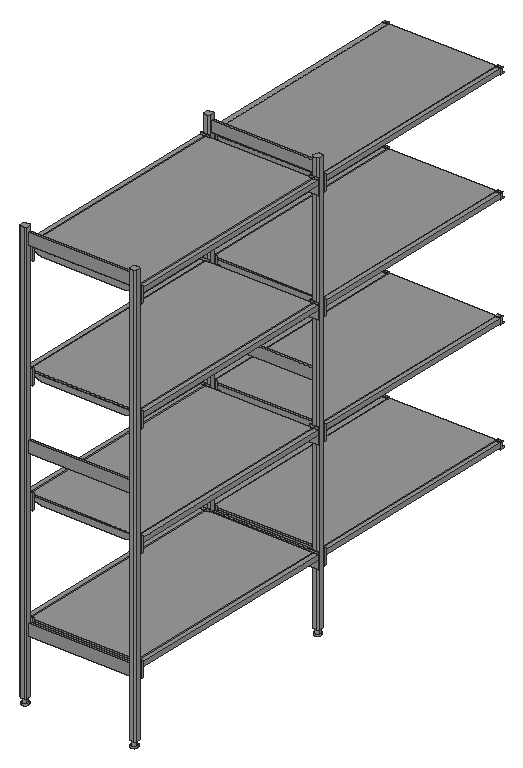
Revit family "QF_ELECTROLUXPROFESSIONAL_137082_CLS1840", category Attrezzature speciali, Revit 2020 (continued)
Definition of nested family "WT_Aggancio475"
  Dimensions and locks
    equal spacing: plane 3 "BACK", plane 6 "Center (Front/Back)", plane 4 "FRONT"
    plane 9 "FEET" to level = 25.0 mm
    plane 5 "TOP" to plane 9 "FEET" = 1700.0 mm
    plane 10 to plane 9 "FEET" = 250.0 mm
    plane 11 to plane 10 = 450.0 mm
    plane 12 to plane 11 = 450.0 mm
    plane 13 to plane 12 = 450.0 mm
    locked: plane 3 "BACK" to plane 15 "CYBack" at 17.5
    locked: plane 16 "CYFront" to plane 4 "FRONT" at 17.5
    aligned and locked: level to plane 1
    aligned and locked: Extrusion 1 sketch curve to Extrusion 1 sketch curve  (x3)
  Automatic sketch dimensions
    plane 16 "CYFront" to Extrusion 1 sketch curve = 1.478 mm  (x4)
    Extrusion 1 sketch curve to Extrusion 1 sketch curve = 2.0 mm
    plane 8 to Extrusion 1 sketch curve = 3.478 mm  (x4)
    Extrusion 1 sketch curve to plane 10 = 4.006 mm
    Extrusion 1 sketch curve to Extrusion 1 sketch curve = 34.0 mm  (x4)
    Extrusion 1 sketch curve to plane 11 = 4.006 mm
    Extrusion 1 sketch curve to plane 12 = 4.006 mm
    Extrusion 1 sketch curve to plane 13 = 4.006 mm
    Extrusion 1 sketch curve to plane 7 = 37.522 mm  (x4)
    Extrusion 1 sketch curve to plane 7 = 3.522 mm  (x4)
    plane 14 to Extrusion 1 sketch curve = 3.516 mm  (x4)
    plane 14 to Extrusion 1 sketch curve = 1.522 mm  (x4)
    plane 10 to Extrusion 1 sketch curve = 7.998 mm  (x2)
    Extrusion 1 sketch curve to Extrusion 1 sketch curve = 11.498 mm  (x4)
    Extrusion 1 sketch curve to Extrusion 1 sketch curve = 6.499 mm  (x8)
    plane 11 to Extrusion 1 sketch curve = 7.998 mm  (x2)
    plane 12 to Extrusion 1 sketch curve = 7.998 mm  (x2)
    plane 13 to Extrusion 1 sketch curve = 7.998 mm  (x2)
    plane 2 "LEFT" to Extrusion 2 sketch curve = 0.0 mm  (x4)
    plane 13 to Extrusion 2 sketch curve = 7.996 mm
    plane 11 to Extrusion 2 sketch curve = 7.996 mm
    Extrusion 2 sketch curve to Extrusion 2 sketch curve = 5.0 mm  (x4)
    plane 11 to Extrusion 2 sketch curve = 2.494 mm
    plane 10 to Extrusion 2 sketch curve = 28.996 mm
    Extrusion 2 sketch curve to Extrusion 2 sketch curve = 3.0 mm  (x4)
    plane 10 to Extrusion 2 sketch curve = 7.996 mm
    plane 10 to Extrusion 2 sketch curve = 2.494 mm
    Extrusion 2 sketch curve to Extrusion 2 sketch curve = 18.0 mm  (x3)
    plane 12 to Extrusion 2 sketch curve = 2.494 mm
    plane 12 to Extrusion 2 sketch curve = 7.996 mm
    plane 13 to Extrusion 2 sketch curve = 2.494 mm
    plane 2 "LEFT" to Extrusion 3 sketch curve = 0.0 mm  (x4)
    plane 13 to Extrusion 3 sketch curve = 7.996 mm
    plane 11 to Extrusion 3 sketch curve = 7.996 mm
    Extrusion 3 sketch curve to Extrusion 3 sketch curve = 5.0 mm  (x4)
    plane 11 to Extrusion 3 sketch curve = 2.494 mm
    plane 10 to Extrusion 3 sketch curve = 28.996 mm
    Extrusion 3 sketch curve to Extrusion 3 sketch curve = 3.0 mm  (x4)
    plane 10 to Extrusion 3 sketch curve = 7.996 mm
    plane 10 to Extrusion 3 sketch curve = 2.494 mm
    Extrusion 3 sketch curve to Extrusion 3 sketch curve = 18.0 mm  (x3)
    plane 12 to Extrusion 3 sketch curve = 2.494 mm
    plane 12 to Extrusion 3 sketch curve = 7.996 mm
    plane 13 to Extrusion 3 sketch curve = 2.494 mm
    plane 2 "LEFT" to curve 1 = 5.0 mm
    plane 2 "LEFT" to curve 7 = 5.0 mm
    curve 1 to plane 16 "CYFront" = 17.5 mm
    curve 3 to plane 8 = 12.522 mm
    plane 7 to curve 5 = 12.478 mm
    curve 7 to plane 14 = 17.5 mm
    curve 5 to curve 5 = 4.0 mm
    curve 1 to curve 4 = 4.0 mm
    Extrusion 2 sketch curve to Extrusion 2 sketch curve = 4.0 mm  (x4)
    Extrusion 2 sketch curve to Extrusion 2 sketch curve = 8.969 mm  (x4)
    Extrusion 3 sketch curve to Extrusion 3 sketch curve = 4.0 mm  (x4)
    Extrusion 3 sketch curve to Extrusion 3 sketch curve = 8.969 mm  (x4)
